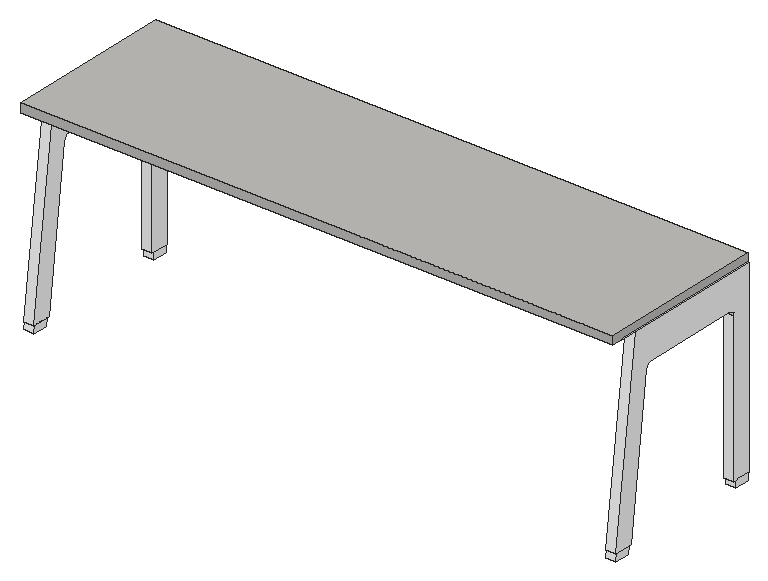
Revit family "Worksurface-Mounted-Teknion-JNWSSN-Single_Sided_Rectangular-R2016", category Furniture, Revit 2016 (continued)
Dimensions and locks (in)
  plane 5 "Right" to Extrusion 13 sketch curve to Extrusion 13 sketch curve = 11.05276" locked, 1.89449" locked
  plane 6 "Back" to Extrusion 13 sketch curve to Extrusion 13 sketch curve to Extrusion 13 sketch curve to Extrusion 13 sketch curve to Extrusion 13 sketch curve to Extrusion 13 sketch curve = 4.44646" locked, 0.36063" locked, 0.000" locked, 1.17323" locked, 0.000" locked, 0.36063" locked
  plane 5 "Right" to Extrusion 13 sketch curve to Extrusion 13 sketch curve to Extrusion 13 sketch curve to Extrusion 13 sketch curve = 11.41339" locked, 0.000" locked, 1.17323" locked, 0.000" locked
  Extrusion 13 sketch curve to Extrusion 13 sketch curve to plane 6 "Back" = 1.75276" locked, 4.51732" locked
  plane 5 "Right" to Extrusion 14 sketch curve to Extrusion 14 sketch curve = 11.05276" locked, 1.89449" locked
  plane 6 "Back" to Extrusion 14 sketch curve to Extrusion 14 sketch curve to Extrusion 14 sketch curve to Extrusion 14 sketch curve to Extrusion 14 sketch curve to Extrusion 14 sketch curve = 4.44646" locked, 0.36063" locked, 0.000" locked, 1.17323" locked, 0.000" locked, 0.36063" locked
  plane 6 "Back" to Extrusion 15 sketch curve to Extrusion 15 sketch curve to Extrusion 15 sketch curve to Extrusion 15 sketch curve = 2.27165" locked, 0.31496" locked, 5.82677" locked, 0.31496" locked
  Extrusion 15 sketch curve to Extrusion 15 sketch curve to plane 3 "Center Left/Right" to Extrusion 15 sketch curve to Extrusion 15 sketch curve = 0.31496" locked, 4.40945" locked, 4.40945" locked, 0.31496" locked
  Extrusion 16 sketch curve to plane 3 "Center Left/Right" to Extrusion 16 sketch curve = 4.37008" locked, 4.37008" locked
  plane 6 "Back" to Extrusion 16 sketch curve to Extrusion 16 sketch curve = 3.11811" locked, 4.76378" locked
  locked: Extrusion 15 to plane 8 "Top" at 0.07874
  locked: Extrusion 16 to plane 8 "Top" at 0.07874
  "Right Square Cut-Out Hole Depth": plane 10 to Extrusion 14
  Extrusion 17 sketch curve to Extrusion 17 sketch curve to plane 6 "Back" = 6.45669" locked, 2.27165" locked
  Extrusion 17 sketch curve to plane 3 "Center Left/Right" to Extrusion 17 sketch curve = 4.72441" locked, 4.72441" locked
  "Access Door - Center Hole Depth": plane 10 to Extrusion 17
  plane 6 "Back" to Extrusion 18 sketch curve to Extrusion 18 sketch curve to Extrusion 18 sketch curve to Extrusion 18 sketch curve = 2.27165" locked, 0.31496" locked, 5.82677" locked, 0.31496" locked
  plane 4 "Left" to Extrusion 18 sketch curve to Extrusion 18 sketch curve to Extrusion 18 sketch curve to Extrusion 18 sketch curve = 10.27559" locked, 0.31496" locked, 8.8189" locked, 0.31496" locked
  plane 4 "Left" to Extrusion 19 sketch curve to Extrusion 19 sketch curve = 10.62992" locked, 8.74016" locked
  plane 6 "Back" to Extrusion 19 sketch curve to Extrusion 19 sketch curve = 3.11811" locked, 4.76378" locked
  Extrusion 20 sketch curve to Extrusion 20 sketch curve to plane 6 "Back" = 6.45669" locked, 2.27165" locked
  plane 4 "Left" to Extrusion 20 sketch curve to Extrusion 20 sketch curve = 10.27559" locked, 9.44882" locked
  "Access Door - Left Hole Depth": plane 10 to Extrusion 20
  plane 6 "Back" to Extrusion 21 sketch curve to Extrusion 21 sketch curve to Extrusion 21 sketch curve to Extrusion 21 sketch curve = 2.27165" locked, 0.31496" locked, 5.82677" locked, 0.31496" locked
  plane 5 "Right" to Extrusion 21 sketch curve to Extrusion 21 sketch curve to Extrusion 21 sketch curve to Extrusion 21 sketch curve = 10.27559" locked, 0.31496" locked, 8.8189" locked, 0.31496" locked
  plane 5 "Right" to Extrusion 22 sketch curve to Extrusion 22 sketch curve = 10.62992" locked, 8.74016" locked
  plane 6 "Back" to Extrusion 22 sketch curve to Extrusion 22 sketch curve = 3.11811" locked, 4.76378" locked
  Extrusion 23 sketch curve to Extrusion 23 sketch curve to plane 6 "Back" = 6.45669" locked, 2.27165" locked
  plane 5 "Right" to Extrusion 23 sketch curve to Extrusion 23 sketch curve = 10.27559" locked, 9.44882" locked
  Extrusion 24 sketch curve to Extrusion 24 sketch curve to Extrusion 24 sketch curve to Extrusion 24 sketch curve to plane 4 "Left" = 0.31496" locked, 5.82677" locked, 0.31496" locked, 2.25886" locked
  Extrusion 24 sketch curve to Extrusion 24 sketch curve to plane 1 "Center Front/Back" to Extrusion 24 sketch curve to Extrusion 24 sketch curve = 0.31496" locked, 4.40945" locked, 4.40945" locked, 0.31496" locked
  Extrusion 25 sketch curve to plane 1 "Center Front/Back" to Extrusion 25 sketch curve = 4.37008" locked, 4.37008" locked
  Extrusion 25 sketch curve to Extrusion 25 sketch curve to plane 4 "Left" = 4.76378" locked, 3.10531" locked
  plane 4 "Left" to Extrusion 26 sketch curve to Extrusion 26 sketch curve = 2.25886" locked, 6.45669" locked
  Extrusion 26 sketch curve to plane 1 "Center Front/Back" to Extrusion 26 sketch curve = 4.72441" locked, 4.72441" locked
  Extrusion 27 sketch curve to Extrusion 27 sketch curve to Extrusion 27 sketch curve to Extrusion 27 sketch curve to plane 5 "Right" = 0.31496" locked, 5.82677" locked, 0.31496" locked, 2.25886" locked
  Extrusion 27 sketch curve to Extrusion 27 sketch curve to plane 1 "Center Front/Back" to Extrusion 27 sketch curve to Extrusion 27 sketch curve = 0.31496" locked, 4.40945" locked, 4.40945" locked, 0.31496" locked
  Extrusion 28 sketch curve to plane 1 "Center Front/Back" to Extrusion 28 sketch curve = 4.37008" locked, 4.37008" locked
  Extrusion 28 sketch curve to Extrusion 28 sketch curve to plane 5 "Right" = 4.76378" locked, 3.10531" locked
  plane 5 "Right" to Extrusion 29 sketch curve to Extrusion 29 sketch curve = 2.25886" locked, 6.45669" locked
  Extrusion 29 sketch curve to plane 1 "Center Front/Back" to Extrusion 29 sketch curve = 4.72441" locked, 4.72441" locked
  "Left End Access Door Hole Depth": plane 10 to Extrusion 26
  "Right End Access Door Hole Depth": plane 10 to Extrusion 29
  "Access Door - Right Hole Depth": plane 10 to Extrusion 23
  plane 4 "Left" to Extrusion 30 sketch curve to Extrusion 30 sketch curve = 2.20472" locked, 2.75591" locked
  locked: plane 7 "Front" to Extrusion 30 sketch curve at 1.58694
  locked: plane 8 "Top" to plane 11 at 1.30709
  Extrusion 31 sketch curve to Extrusion 31 sketch curve to Extrusion 31 sketch curve to plane 14 = 5.62795" locked, 0.11259" locked, 20.97639" locked
  Extrusion 31 sketch curve to Extrusion 31 sketch curve to Extrusion 31 sketch curve to Extrusion 31 sketch curve to plane 7 "Front" = 2.63585" locked, 0.99262" locked, 2.52157" locked, 0.59244" locked
  locked: plane 4 "Left" to plane 12 at 1.5
  plane 14 to Extrusion 32 sketch curve to Extrusion 32 sketch curve to Extrusion 32 sketch curve = 20.97639" locked, 0.11259" locked, 5.62795" locked
  Extrusion 32 sketch curve to Extrusion 32 sketch curve to Extrusion 32 sketch curve to Extrusion 32 sketch curve to plane 7 "Front" = 2.63585" locked, 0.99262" locked, 2.52157" locked, 0.59244" locked
  plane 5 "Right" to Extrusion 33 sketch curve to Extrusion 33 sketch curve = 2.20472" locked, 2.75591" locked
  locked: plane 6 "Back" to Extrusion 33 sketch curve at 1.5
  locked: plane 7 "Front" to Extrusion 33 sketch curve at 1.58694
  locked: plane 13 to plane 5 "Right" at 1.5
  locked: Extrusion 34 sketch curve to plane 2 at 1
  plane 6 "Back" to Extrusion 34 sketch curve to Extrusion 34 sketch curve = 0.1378" locked, 2.0163" locked
  Extrusion 35 sketch curve to Extrusion 35 sketch curve to Extrusion 35 sketch curve to Extrusion 35 sketch curve to plane 7 "Front" = 0.13165" locked, 1.90203" locked, 0.13165" locked, 0.59977" locked
  Extrusion 35 sketch curve to plane 2 = 1.000"
  Extrusion 36 sketch curve to Extrusion 36 sketch curve to Extrusion 36 sketch curve to Extrusion 36 sketch curve = 0.13165" locked, 1.90203" locked, 0.13165" locked
  plane 6 "Back" to Extrusion 37 sketch curve to Extrusion 37 sketch curve = 0.1378" locked, 2.0163" locked
  locked: Extrusion 37 sketch curve to plane 2 at 1
  plane 6 "Back" to Extrusion 31 sketch curve to Extrusion 31 sketch curve = 2.500" locked, 0.750" locked
  Extrusion 32 sketch curve to Extrusion 32 sketch curve to plane 6 "Back" = 0.750" locked, 2.500" locked
  Extrusion 38 sketch curve to plane 25 "hiSpace Back" to Extrusion 38 sketch curve to Extrusion 38 sketch curve = 0.000" locked, 0.6378" locked, 0.000" locked
  Extrusion 38 sketch curve to plane 26 "hiSpace Front" to Extrusion 38 sketch curve to Extrusion 38 sketch curve = 0.000" locked, 0.6378" locked, 0.000" locked
  Extrusion 38 sketch curve to plane 23 "hiSpace Left" to Extrusion 38 sketch curve to Extrusion 38 sketch curve to Extrusion 38 sketch curve to Extrusion 38 sketch curve to Extrusion 38 sketch curve = 0.000" locked, 0.6378" locked, 0.000" locked, 1.9685" locked, 0.000" locked, 0.6378" locked
  plane 14 to plane 15 to plane 2 = 0.83465" locked, 0.14134" locked
  locked: plane 26 "hiSpace Front" to Extrusion 39 sketch curve at 1.22526
  locked: plane 23 "hiSpace Left" to Extrusion 39 sketch curve at 1.62082
  locked: plane 25 "hiSpace Back" to Extrusion 40 sketch curve at 1.23258
  locked: plane 23 "hiSpace Left" to Extrusion 40 sketch curve at 1.62082
  Extrusion 41 sketch curve to plane 25 "hiSpace Back" to Extrusion 41 sketch curve to Extrusion 41 sketch curve = 0.000" locked, 0.6378" locked, 0.000" locked
  Extrusion 41 sketch curve to Extrusion 41 sketch curve to Extrusion 41 sketch curve to Extrusion 41 sketch curve to Extrusion 41 sketch curve to Extrusion 41 sketch curve to plane 24 "hiSpace Right" = 0.6378" locked, 0.000" locked, 1.9685" locked, 0.000" locked, 0.6378" locked, 0.000" locked
  Extrusion 41 sketch curve to plane 26 "hiSpace Front" to Extrusion 41 sketch curve to Extrusion 41 sketch curve = 0.000" locked, 0.6378" locked, 0.000" locked
  locked: Extrusion 43 sketch curve to plane 24 "hiSpace Right" at 1.6218
  locked: plane 25 "hiSpace Back" to Extrusion 43 sketch curve at 1.23258
  locked: plane 26 "hiSpace Front" to Extrusion 42 sketch curve at 1.22526
  locked: Extrusion 42 sketch curve to plane 24 "hiSpace Right" at 1.62224
  Extrusion 44 sketch curve to plane 1 "Center Front/Back" to Extrusion 44 sketch curve = 0.24016" locked, 2.90945" locked
  Extrusion 44 sketch curve to plane 23 "hiSpace Left" to Extrusion 44 sketch curve = 0.26575" locked, 3.51378" locked
  plane 23 "hiSpace Left" to Extrusion 46 sketch curve to Extrusion 46 sketch curve = 0.44882" locked, 2.34646" locked
  Extrusion 46 sketch curve to Extrusion 46 sketch curve to plane 1 "Center Front/Back" = 2.34646" locked, 0.15945" locked
  plane 23 "hiSpace Left" to Extrusion 45 sketch curve to Extrusion 45 sketch curve = 0.24409" locked, 2.75591" locked
  Extrusion 45 sketch curve to plane 1 "Center Front/Back" to Extrusion 45 sketch curve = 2.71063", 0.04528" locked
  plane 11 to plane 16 to plane 17 = 1.77165" locked, 0.3937" locked
  Extrusion 51 sketch curve to plane 1 "Center Front/Back" to Extrusion 51 sketch curve = 0.24409" locked, 2.90551" locked
  Extrusion 51 sketch curve to plane 24 "hiSpace Right" to Extrusion 51 sketch curve = 0.26575" locked, 3.51378" locked
  plane 24 "hiSpace Right" to Extrusion 53 sketch curve to Extrusion 53 sketch curve = 0.44882" locked, 2.34646" locked
  Extrusion 53 sketch curve to Extrusion 53 sketch curve to plane 1 "Center Front/Back" = 2.34646" locked, 0.15945" locked
  plane 24 "hiSpace Right" to Extrusion 52 sketch curve to Extrusion 52 sketch curve = 0.24409" locked, 2.75591" locked
  Extrusion 52 sketch curve to plane 1 "Center Front/Back" to Extrusion 52 sketch curve = 2.71063" locked, 0.04528" locked
  Extrusion 54 sketch curve to plane 24 "hiSpace Right" to Extrusion 54 sketch curve = 7.5689" locked, 0.54134" locked
  Extrusion 54 sketch curve to plane 1 "Center Front/Back" to Extrusion 54 sketch curve = 0.5689" locked, 3.23425" locked
  locked: plane 25 "hiSpace Back" to plane 19 at 1.70652
  locked: plane 20 to plane 26 "hiSpace Front" at 5.71045
  plane 24 "hiSpace Right" to Extrusion 55 sketch curve to Extrusion 55 sketch curve to Extrusion 55 sketch curve to Extrusion 55 sketch curve to Extrusion 55 sketch curve to Extrusion 55 sketch curve = 0.54134" locked, 0.11811" locked, 0.000" locked, 0.94488" locked, 0.000" locked, 0.11811" locked
  Extrusion 55 sketch curve to Extrusion 55 sketch curve to Extrusion 55 sketch curve to Extrusion 55 sketch curve to Extrusion 55 sketch curve to Extrusion 55 sketch curve to plane 8 "Top" = 0.11811" locked, 0.000" locked, 0.94488" locked, 0.000" locked, 0.11811" locked, 1.18898" locked
  plane 1 "Center Front/Back" to Extrusion 49 sketch curve to Extrusion 49 sketch curve to Extrusion 49 sketch curve to Extrusion 49 sketch curve to Extrusion 49 sketch curve to Extrusion 49 sketch curve = 0.56535" locked, 0.11811" locked, 0.000" locked, 0.94488" locked, 0.000" locked, 0.11811" locked
  plane 8 "Top" to Extrusion 49 sketch curve to Extrusion 49 sketch curve to Extrusion 49 sketch curve to Extrusion 49 sketch curve to Extrusion 49 sketch curve to Extrusion 49 sketch curve = 1.18898" locked, 0.11811" locked, 0.000" locked, 0.94488" locked, 0.000" locked, 0.11811" locked
  Extrusion 50 sketch curve to Extrusion 50 sketch curve to Extrusion 50 sketch curve to Extrusion 50 sketch curve to Extrusion 50 sketch curve to plane 1 "Center Front/Back" = 0.11811" locked, 0.94488" locked, 0.000" locked, 0.11811" locked, 3.23465" locked
  plane 8 "Top" to Extrusion 50 sketch curve to Extrusion 50 sketch curve to Extrusion 50 sketch curve to Extrusion 50 sketch curve to Extrusion 50 sketch curve to Extrusion 50 sketch curve = 1.18898" locked, 0.11811" locked, 0.000" locked, 0.94488" locked, 0.000" locked, 0.11811" locked
  Extrusion 47 sketch curve to plane 23 "hiSpace Left" to Extrusion 47 sketch curve = 0.54134" locked, 7.5689" locked
  Extrusion 47 sketch curve to plane 1 "Center Front/Back" to Extrusion 47 sketch curve = 0.5689" locked, 3.23425" locked
  Extrusion 56 sketch curve to plane 1 "Center Front/Back" to Extrusion 56 sketch curve = 0.5748" locked, 3.24409" locked
  Extrusion 56 sketch curve to plane 3 "Center Left/Right" to Extrusion 56 sketch curve = 5.51181" locked, 5.51181" locked
  locked: plane 11 to Extrusion 56 at 1.38189
  plane 9 to Extrusion 48 sketch curve to Extrusion 48 sketch curve to Extrusion 48 sketch curve to Extrusion 48 sketch curve to Extrusion 48 sketch curve = 0.11811" locked, 0.000" locked, 0.94488" locked, 0.000" locked, 0.11811" locked
  plane 23 "hiSpace Left" to Extrusion 48 sketch curve to Extrusion 48 sketch curve to Extrusion 48 sketch curve to Extrusion 48 sketch curve to Extrusion 48 sketch curve to Extrusion 48 sketch curve = 0.54134" locked, 0.11811" locked, 0.000" locked, 0.94488" locked, 0.000" locked, 0.11811" locked
  locked: Extrusion 49 to plane 24 "hiSpace Right" at 0.47835
  locked: Extrusion 49 to plane 23 "hiSpace Left" at 0.40748
  locked: Extrusion 50 to plane 24 "hiSpace Right" at 0.47835
  locked: Extrusion 50 to plane 23 "hiSpace Left" at 0.40748
  plane 21 "1" to plane 22 "2" to Extrusion 56 = 2.16535" locked, 11.8898" locked
  locked: Extrusion 57 sketch curve to plane 9 at 0.21891
  locked: Extrusion 57 sketch curve to plane 9 at 0.07874
  locked: Extrusion 57 sketch curve to plane 9 at 0.19685
  Extrusion 57 sketch curve to Extrusion 57 sketch curve to Extrusion 57 sketch curve to Extrusion 57 sketch curve to Extrusion 57 sketch curve to Extrusion 57 sketch curve to plane 7 "Front" = 0.59055" locked, 0.99152" locked, 0.37329" locked, 0.06654" locked, 0.04063" locked, 0.5418" locked
  locked: plane 10 to plane 8 "Top" at 2.36625
  locked: plane 8 "Top" to plane 9 at 1.18898
  locked: plane 14 to Extrusion 32 sketch curve at 0.02402  (x2)
  locked: plane 14 to Extrusion 31 sketch curve at 0.02402  (x2)
  locked: plane 18 to plane 2 at 20.67677
  locked: Extrusion 13 to plane 8 "Top" at 0.07874
  locked: Extrusion 7 to plane 8 "Top" at 0.07874
  locked: Extrusion 8 to plane 8 "Top" at 0.07874
  locked: cut or joined group of Extrusion 6, Extrusion 14, Extrusion 23, Extrusion 26 to plane 8 "Top" at 0.07874
  locked: cut or joined group of Extrusion 5, Extrusion 14, Extrusion 23, Extrusion 26 to plane 8 "Top" at 0.07874
  equal spacing: plane 23 "hiSpace Left", plane 3 "Center Left/Right", plane 24 "hiSpace Right"
  "hiSpace Leg Width": plane 23 "hiSpace Left" to plane 24 "hiSpace Right"
  locked: plane 27 to plane 1 "Center Front/Back" at 0.66732
  equal spacing: plane 26 "hiSpace Front", plane 27, plane 25 "hiSpace Back"
  "hiSpace Leg Depth": plane 26 "hiSpace Front" to plane 25 "hiSpace Back"
  plane 3 "Center Left/Right" to Sweep 58 sketch curve to Sweep 58 sketch curve to Sweep 58 sketch curve to Sweep 58 sketch curve to Sweep 58 sketch curve to Sweep 58 sketch curve = 17.30439" locked, 0.19496" locked, 0.000" locked, 1.95949" locked, 0.01039" locked, 0.19496" locked
  plane 26 "hiSpace Front" to Sweep 58 sketch curve to Sweep 58 sketch curve = 0.68199" locked, 0.34259" locked
  aligned and locked: level to plane 2
  aligned and locked: Extrusion 1 sketch curve to plane 6 "Back"
  aligned and locked: Extrusion 1 sketch curve to plane 5 "Right"
  aligned and locked: Extrusion 1 sketch curve to plane 7 "Front"
  aligned and locked: plane 4 "Left" to Extrusion 1 sketch curve
  aligned and locked: Extrusion 1 to plane 9
  aligned and locked: Extrusion 2 to plane 10
  aligned and locked: plane 8 "Top" to Extrusion 1
  aligned and locked: plane 9 to Extrusion 1
  aligned and locked: Extrusion 1 to plane 5 "Right"
  aligned and locked: Extrusion 1 to plane 4 "Left"
  aligned and locked: Extrusion 4 to plane 8 "Top"
  aligned and locked: plane 8 "Top" to Extrusion 3
  aligned and locked: Extrusion 9 to plane 10
  aligned and locked: Extrusion 10 to plane 10
  aligned and locked: plane 8 "Top" to Extrusion 11
  aligned and locked: Extrusion 12 to plane 10
  aligned and locked: Extrusion 17 to plane 10
  aligned and locked: Extrusion 20 to plane 10
  aligned and locked: Extrusion 26 to plane 10
  aligned and locked: Extrusion 29 to plane 10
  aligned and locked: Extrusion 30 sketch curve to plane 6 "Back"
  aligned and locked: Extrusion 30 sketch curve to plane 4 "Left"
  aligned and locked: plane 9 to Extrusion 30
  aligned and locked: plane 11 to Extrusion 30
  aligned and locked: plane 6 "Back" to Extrusion 31 sketch curve
  aligned and locked: Extrusion 31 to plane 4 "Left"
  aligned and locked: plane 12 to Extrusion 31
  aligned and locked: Extrusion 32 to plane 13
  aligned and locked: Extrusion 33 sketch curve to plane 5 "Right"
  aligned and locked: plane 6 "Back" to Extrusion 33 sketch curve
  aligned and locked: Extrusion 33 to plane 5 "Right"
  aligned and locked: Extrusion 32 to plane 5 "Right"
  aligned and locked: plane 2 to Extrusion 34 sketch curve
  aligned and locked: plane 2 to Extrusion 35 sketch curve
  aligned and locked: plane 12 to Extrusion 35
  aligned and locked: Extrusion 35 to plane 4 "Left"
  aligned and locked: plane 12 to Extrusion 34
  aligned and locked: plane 13 to Extrusion 36
  aligned and locked: Extrusion 36 to plane 5 "Right"
  aligned and locked: plane 13 to Extrusion 37
  aligned and locked: Extrusion 37 to plane 5 "Right"
  aligned and locked: plane 6 "Back" to Extrusion 32 sketch curve
  aligned and locked: Masking region 1 sketch curve to plane 7 "Front"
  aligned and locked: Masking region 1 sketch curve to plane 5 "Right"
  aligned and locked: Masking region 1 sketch curve to plane 6 "Back"
  aligned and locked: plane 4 "Left" to Masking region 1 sketch curve
  aligned and locked: curve 1 to Extrusion 30
  aligned and locked: curve 2 to Extrusion 30
  aligned and locked: curve 3 to Extrusion 30
  aligned and locked: curve 4 to Extrusion 30
  aligned and locked: curve 9 to Extrusion 35
  aligned and locked: curve 10 to Extrusion 33
  aligned and locked: curve 11 to Extrusion 33
  aligned and locked: curve 12 to Extrusion 33
  aligned and locked: curve 13 to Extrusion 33
  aligned and locked: curve 16 to Extrusion 37
  aligned and locked: curve 17 to Extrusion 37
  aligned and locked: curve 18 to Extrusion 36
  aligned and locked: curve 19 to Extrusion 9
  aligned and locked: curve 20 to Extrusion 9
  aligned and locked: curve 21 to Extrusion 9
  aligned and locked: curve 22 to Extrusion 9
  aligned and locked: curve 23 to cut or joined group of Extrusion 5, Extrusion 14, Extrusion 23, Extrusion 26
  aligned and locked: curve 24 to cut or joined group of Extrusion 6, Extrusion 14, Extrusion 23, Extrusion 26
  aligned and locked: curve 25 to cut or joined group of Extrusion 6, Extrusion 14, Extrusion 23, Extrusion 26
  aligned and locked: curve 26 to cut or joined group of Extrusion 6, Extrusion 14, Extrusion 23, Extrusion 26
  aligned and locked: curve 27 to Extrusion 20
  aligned and locked: curve 28 to Extrusion 20
  aligned and locked: curve 29 to Extrusion 20
  aligned and locked: curve 30 to Extrusion 20
  aligned and locked: curve 31 to cut or joined group of Extrusion 18, Extrusion 23, Extrusion 26
  aligned and locked: curve 32 to cut or joined group of Extrusion 18, Extrusion 23, Extrusion 26
  aligned and locked: curve 33 to cut or joined group of Extrusion 18, Extrusion 23, Extrusion 26
  aligned and locked: curve 34 to cut or joined group of Extrusion 18, Extrusion 23, Extrusion 26
  aligned and locked: curve 35 to cut or joined group of Extrusion 19, Extrusion 23, Extrusion 26
  aligned and locked: curve 36 to cut or joined group of Extrusion 19, Extrusion 23, Extrusion 26
  aligned and locked: curve 37 to cut or joined group of Extrusion 19, Extrusion 23, Extrusion 26
  aligned and locked: curve 38 to cut or joined group of Extrusion 19, Extrusion 23, Extrusion 26
  aligned and locked: curve 39 to Extrusion 21
  aligned and locked: curve 40 to Extrusion 21
  aligned and locked: curve 41 to Extrusion 21
  aligned and locked: curve 42 to Extrusion 21
  aligned and locked: curve 43 to Extrusion 21
  aligned and locked: curve 44 to Extrusion 21
  aligned and locked: curve 45 to Extrusion 21
  aligned and locked: curve 46 to Extrusion 21
  aligned and locked: curve 47 to Extrusion 22
  aligned and locked: curve 48 to Extrusion 22
  aligned and locked: curve 49 to Extrusion 22
  aligned and locked: curve 50 to Extrusion 22
  aligned and locked: curve 51 to Extrusion 2
  aligned and locked: curve 52 to Extrusion 2
  aligned and locked: curve 53 to cut or joined group of Extrusion 4, Extrusion 20
  aligned and locked: curve 54 to cut or joined group of Extrusion 3, Extrusion 20
  aligned and locked: curve 55 to cut or joined group of Extrusion 4, Extrusion 20
  aligned and locked: curve 56 to cut or joined group of Extrusion 4, Extrusion 20
  aligned and locked: curve 57 to cut or joined group of Extrusion 4, Extrusion 20
  aligned and locked: curve 58 to Extrusion 2
  aligned and locked: curve 59 to Extrusion 2
  aligned and locked: curve 60 to Extrusion 2
  aligned and locked: curve 61 to cut or joined group of Extrusion 15, Extrusion 20
  aligned and locked: curve 62 to cut or joined group of Extrusion 15, Extrusion 20
  aligned and locked: curve 63 to cut or joined group of Extrusion 15, Extrusion 20
  aligned and locked: curve 64 to cut or joined group of Extrusion 15, Extrusion 20
  aligned and locked: curve 65 to cut or joined group of Extrusion 15, Extrusion 20
  aligned and locked: curve 66 to cut or joined group of Extrusion 15, Extrusion 20
  aligned and locked: curve 67 to cut or joined group of Extrusion 15, Extrusion 20
  aligned and locked: curve 68 to cut or joined group of Extrusion 15, Extrusion 20
  aligned and locked: curve 69 to cut or joined group of Extrusion 16, Extrusion 20
  aligned and locked: curve 70 to cut or joined group of Extrusion 16, Extrusion 20
  aligned and locked: curve 71 to cut or joined group of Extrusion 16, Extrusion 20
  aligned and locked: curve 72 to cut or joined group of Extrusion 16, Extrusion 20
  aligned and locked: curve 73 to Extrusion 10
  aligned and locked: curve 74 to Extrusion 8
  aligned and locked: curve 75 to Extrusion 10
  aligned and locked: curve 76 to Extrusion 7
  aligned and locked: curve 77 to Extrusion 7
  aligned and locked: curve 78 to Extrusion 8
  aligned and locked: curve 79 to Extrusion 8
  aligned and locked: curve 80 to Extrusion 8
  aligned and locked: curve 82 to Extrusion 27
  aligned and locked: curve 84 to Extrusion 27
  aligned and locked: curve 86 to Extrusion 27
  aligned and locked: curve 88 to Extrusion 27
  aligned and locked: curve 90 to Extrusion 28
  aligned and locked: curve 92 to Extrusion 28
  aligned and locked: curve 93 to Extrusion 26
  aligned and locked: curve 94 to Extrusion 26
  aligned and locked: curve 95 to Extrusion 26
  aligned and locked: curve 96 to Extrusion 26
  aligned and locked: curve 97 to cut or joined group of Extrusion 24, Extrusion 29
  aligned and locked: curve 98 to cut or joined group of Extrusion 24, Extrusion 29
  aligned and locked: curve 99 to cut or joined group of Extrusion 24, Extrusion 29
  aligned and locked: curve 100 to cut or joined group of Extrusion 24, Extrusion 29
  aligned and locked: curve 101 to cut or joined group of Extrusion 25, Extrusion 29
  aligned and locked: curve 102 to cut or joined group of Extrusion 25, Extrusion 29
  aligned and locked: curve 103 to cut or joined group of Extrusion 25, Extrusion 29
  aligned and locked: curve 104 to cut or joined group of Extrusion 25, Extrusion 29
  aligned and locked: curve 106 to Extrusion 12
  aligned and locked: curve 108 to Extrusion 12
  aligned and locked: curve 110 to Extrusion 12
  aligned and locked: curve 112 to Extrusion 12
  aligned and locked: curve 114 to cut or joined group of Extrusion 11, Extrusion 14, Extrusion 23, Extrusion 26
  aligned and locked: curve 116 to cut or joined group of Extrusion 11, Extrusion 14, Extrusion 23, Extrusion 26
  aligned and locked: curve 118 to cut or joined group of Extrusion 11, Extrusion 14, Extrusion 23, Extrusion 26
  aligned and locked: curve 120 to cut or joined group of Extrusion 11, Extrusion 14, Extrusion 23, Extrusion 26
  aligned and locked: curve 122 to Extrusion 14
  aligned and locked: curve 124 to Extrusion 14
  aligned and locked: curve 126 to Extrusion 14
  aligned and locked: curve 128 to Extrusion 14
  aligned and locked: curve 130 to Extrusion 13
  aligned and locked: curve 132 to Extrusion 13
  aligned and locked: curve 134 to Extrusion 13
  aligned and locked: curve 136 to Extrusion 13
  aligned and locked: plane 15 to Extrusion 39
  aligned and locked: Extrusion 39 to plane 2
  aligned and locked: Extrusion 55 to plane 20
  aligned and locked: plane 19 to Extrusion 55
  aligned and locked: plane 11 to Extrusion 56
  aligned and locked: Extrusion 53 to plane 17
  aligned and locked: Extrusion 51 to plane 16
  aligned and locked: plane 16 to Extrusion 54
  aligned and locked: plane 14 to Extrusion 52
  aligned and locked: Extrusion 41 to plane 15
  aligned and locked: Extrusion 41 to plane 14
  aligned and locked: Extrusion 38 to plane 14
  aligned and locked: Extrusion 38 to plane 15
  aligned and locked: plane 15 to Extrusion 40
  aligned and locked: Extrusion 40 to plane 2
  aligned and locked: plane 14 to Extrusion 45
  aligned and locked: Extrusion 46 to plane 17
  aligned and locked: plane 18 to Extrusion 46
  aligned and locked: Extrusion 45 to plane 18
  aligned and locked: Extrusion 48 sketch curve to plane 9
  aligned and locked: plane 19 to Extrusion 48
  aligned and locked: Extrusion 48 to plane 20
  aligned and locked: plane 16 to Extrusion 51  (x2)
  aligned and locked: plane 17 to Extrusion 51
  aligned and locked: plane 18 to Extrusion 53
  aligned and locked: Extrusion 52 to plane 18
  aligned and locked: Extrusion 42 to plane 2
  aligned and locked: plane 15 to Extrusion 42
  aligned and locked: Extrusion 54 to plane 9
  aligned and locked: Extrusion 47 to plane 9
  aligned and locked: plane 17 to Extrusion 44
  aligned and locked: Extrusion 44 to plane 16
  aligned and locked: Extrusion 51 to plane 17
  aligned and locked: plane 16 to Extrusion 47
  aligned and locked: Extrusion 57 sketch curve to plane 9
  aligned and locked: Extrusion 57 to plane 21 "1"
  aligned and locked: plane 22 "2" to Extrusion 57
  aligned and locked: Masking region 2 sketch curve to Extrusion 38  (x4)
  aligned and locked: Masking region 3 sketch curve to Extrusion 41  (x4)
  aligned and locked: Masking region 4 sketch curve to Extrusion 40  (x2)
  aligned and locked: Masking region 5 sketch curve to Extrusion 39  (x2)
  aligned and locked: Masking region 6 sketch curve to Extrusion 43  (x2)
  aligned and locked: Masking region 7 sketch curve to Extrusion 42  (x2)
  aligned and locked: Masking region 8 sketch curve to Extrusion 54  (x4)
  aligned and locked: Masking region 9 sketch curve to Extrusion 47  (x4)
  aligned and locked: Masking region 10 sketch curve to Extrusion 50  (x4)
  aligned and locked: Masking region 11 sketch curve to Extrusion 49  (x4)
  aligned and locked: Masking region 12 sketch curve to Extrusion 44  (x4)
  aligned and locked: Masking region 13 sketch curve to Extrusion 51  (x4)
  aligned and locked: Masking region 14 sketch curve to Extrusion 56  (x4)
  aligned and locked: plane 8 "Top" to cut or joined group 1 (Extrusion 1, Extrusion 2, Extrusion 9, Extrusion 10, Extrusion 12, Extrusion 14, Extrusion 17, Extrusion 20, Extrusion 23, Extrusion 26, Extrusion 29)
  aligned and locked: plane 9 to cut or joined group 1
  aligned and locked: plane 11 to Extrusion 33
  aligned and locked: Extrusion 33 to plane 9
  aligned and locked: plane 8 "Top" to cut or joined group of Extrusion 5, Extrusion 14, Extrusion 23, Extrusion 26
  aligned and locked: plane 8 "Top" to cut or joined group of Extrusion 6, Extrusion 14, Extrusion 23, Extrusion 26
  aligned and locked: plane 8 "Top" to Extrusion 8
  aligned and locked: plane 8 "Top" to Extrusion 7
  aligned and locked: plane 8 "Top" to Extrusion 13
  aligned and locked: plane 10 to Extrusion 26  (x2)
  aligned and locked: plane 10 to Extrusion 9  (x2)
  aligned and locked: plane 10 to Extrusion 20  (x2)
  aligned and locked: plane 10 to Extrusion 2
  aligned and locked: plane 10 to Extrusion 17
  aligned and locked: Extrusion 23 to plane 10
  aligned and locked: plane 10 to Extrusion 23  (x2)
  aligned and locked: plane 10 to Extrusion 10  (x3)
  aligned and locked: plane 10 to Extrusion 29
  aligned and locked: Extrusion 14 to plane 10
  aligned and locked: curve 137 to plane 4 "Left"
  aligned and locked: curve 138 to plane 6 "Back"
  aligned and locked: curve 140 to plane 5 "Right"
  aligned and locked: curve 139 to plane 7 "Front"
  aligned and locked: curve 81 to Extrusion 29
  aligned and locked: curve 85 to Extrusion 27
  aligned and locked: curve 89 to Extrusion 28
  aligned and locked: curve 83 to Extrusion 29
  aligned and locked: curve 87 to Extrusion 27
  aligned and locked: curve 91 to Extrusion 28
Automatic sketch dimensions
  Extrusion 11 sketch curve to Extrusion 11 sketch curve = 0.000"  (x2)
  Extrusion 13 sketch curve to Extrusion 13 sketch curve = 0.000"  (x2)
  Extrusion 30 sketch curve to plane 6 "Back" = 1.500"
  Extrusion 32 sketch curve to Extrusion 32 sketch curve = 0.85521"
  Extrusion 37 sketch curve to level = 0.000"
  curve 7 to plane 4 "Left" = 0.000"
  curve 9 to plane 4 "Left" = 0.000"
  curve 4 to plane 4 "Left" = 0.000"
  curve 8 to plane 4 "Left" = 0.000"
  curve 6 to plane 4 "Left" = 0.000"
  curve 8 to plane 12 = 0.000"
  curve 18 to plane 13 = 0.000"
  curve 15 to plane 5 "Right" = 0.000"
  curve 17 to plane 5 "Right" = 0.000"
  curve 18 to plane 5 "Right" = 0.000"
  curve 10 to plane 5 "Right" = 0.000"
  curve 16 to plane 5 "Right" = 0.000"
  curve 13 to plane 6 "Back" = 0.000"
  curve 1 to plane 6 "Back" = 0.000"
  curve 5 to plane 6 "Back" = 0.000"
  curve 14 to plane 6 "Back" = 0.000"
  curve 5 to plane 7 "Front" = 0.59244"
  curve 15 to plane 7 "Front" = 0.59244"
  curve 7 to curve 1 = 0.65409"
  curve 8 to plane 6 "Back" = 0.1378"
  Extrusion 31 sketch curve to plane 18 = 1.38819"
  Extrusion 36 sketch curve to level = 0.000"
  Extrusion 36 sketch curve to plane 7 "Front" = 0.59977"
  Extrusion 36 sketch curve to plane 14 = 0.02402"
  plane 11 to Extrusion 57 sketch curve = 0.27213"
  Extrusion 57 sketch curve to Extrusion 57 sketch curve = 0.09693"
  plane 11 to Extrusion 57 sketch curve = 0.29335"
  Extrusion 57 sketch curve to Extrusion 57 sketch curve = 0.05906"
  plane 11 to Extrusion 57 sketch curve = 0.0507"
  Sweep 58 sketch curve to plane 11 = 0.05572"
  plane 11 to Sweep 58 sketch curve = 0.14207"
  Sweep 58 sketch curve to profile plane = 0.000"
  Sweep 58 sketch curve to profile plane = 0.20534"
  Sweep 58 sketch curve to Sweep 58 sketch curve = 0.01039"
  Sweep 58 sketch curve to Sweep 58 sketch curve = 0.48283"
  radius of Extrusion 39 sketch curve = 1.000"
  radius of Extrusion 40 sketch curve = 1.000"
  radius of Extrusion 42 sketch curve = 1.000"
  radius of Extrusion 43 sketch curve = 1.000"
Types (3): name | hiSpace Leg Width | hiSpace Leg Depth | hiSpace Leg 72 inch Width | hiSpace Leg 48 inch Width | Width | Has No Grommets & Accessories | Depth | Has Center Access Door | Access Door - Center Hole Depth
  24" Depth | 39.579" | 23.165" | no | yes | 84.000" | yes | 24.000" | no | 1.000"
  18" Depth | 39.579" | 23.165" | no | yes | 72.000" | yes | 18.000" | no | 1.000"
  30" Depth | 57.579" | 29.165" | yes | no | 84.000" | no | 30.000" | yes | 12.000"
